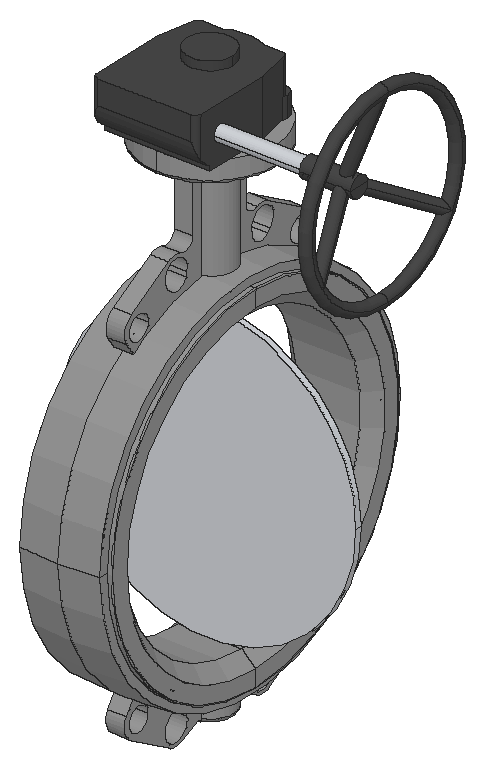
Revit family "Запорно-регулирующая заслонка с ручным редукторным приводом ZF-4219", category Rohrzubehör, Revit 2020
Family settings
  Bemaßung runder Anschluss = Durchmesser verwenden
  Teiletyp = Unterbricht
  Arbeitsebenenbasiert = Nein
  Immer vertikal = Ja
  Beim Laden mit Abzugskörper schneiden = Nein
  Gemeinsam genutzt = Nein
Parameters
  Шпиндель = "Нержавеющая сталь ASTM-A276 / Type 316"  # constant formula
  Фланцевое соединение = "В соответствии с EN1092-2"  # constant formula
  Уплотнение корпуса = "EPDM в соответствии с ISO 1691"  # constant formula
  Среда = "Качество теплоносителя в соответствии с ÖNORM H5195 и/или предписаниями VDI 2035.\r\nРазрешается использование смеси этилен или пропиленгликоля в соотношении 25-50% с водой."
  Область применения = "Применяются в системах тепло- и холодоснабжения."
  Номер заказа [instance] = size_lookup("4219_ZF_G", "Artnr", 1421901, Nennweite)  # 1421969
  Макс. рабочая температура = 110 °C  # constant formula
  Крутящий момент в Нм [instance] = size_lookup("4219_ZF_G", "NM", 350, Nennweite)  # 350
  Корпус = "Чугун GG, GJS-250/JL1040, в соответствии с EN1561"  # constant formula
  Диск = "Нержавеющая сталь 1.4408"  # constant formula
  Вес [instance] = size_lookup("4219_ZF_G", "M", 37.6, Nennweite)  # 37.6
  Vorgabe-Ansicht = 0 mm
  URL = "www.herz-armaturen.at"
  Болты PN16 [instance] = if(Nennweite = 50 mm, "4x M16x100", if(Nennweite = 65 mm, "4x M16x100", if(Nennweite = 80 mm, "8x M16x100", if(Nennweite = 100 mm, "8x M16x110", if(Nennweite = 125 mm, "8x M16x120", if(Nennweite = 150 mm, "8x M20x120", if(Nennweite = 200 mm, "12x M20x130", if(Nennweite = 250 mm, "12x M24x140", "12x M24x160"))))))))  # "12x M24x160"
  Болты PN 6 [instance] = if(Nennweite = 50 mm, "4x M12x100", if(Nennweite = 65 mm, "4x M12x100", if(Nennweite = 80 mm, "4x M16x100", if(Nennweite = 100 mm, "4x M16x100", if(Nennweite = 125 mm, "8x M16x110", if(Nennweite = 150 mm, "8x M16x110", if(Nennweite = 200 mm, "--", if(Nennweite = 250 mm, "12x M16x130", "12xM16x140"))))))))  # "12xM16x140"
  Болты PN10 [instance] = if(Nennweite = 50 mm, "4x M16x100", if(Nennweite = 65 mm, "4x M16x100", if(Nennweite = 80 mm, "4x M16x100", if(Nennweite = 100 mm, "4x M16x110", if(Nennweite = 125 mm, "8x M16x120", if(Nennweite = 150 mm, "8x M20x120", if(Nennweite = 200 mm, "8x M20x130", if(Nennweite = 250 mm, "12x M20x130", "12x M20x150"))))))))  # "12x M20x150"
  SCTWSEQ = "FW;SBT_TYP_FW=\"101\";2"
  SCTWCODE = "04;07;02"  # constant formula
  SCRNSEQ = "ARM;ARM_TYP=\"ALLF\";2"
  SCRNCODE = "05;13;02"  # constant formula
  R_Dichtung = 1.5 mm  # constant formula
  PN16 [instance] = or(Nennweite = 50 mm, Nennweite = 65 mm, Nennweite = 80 mm, Nennweite = 100 mm, Nennweite = 125 mm, Nennweite = 150 mm, Nennweite = 200 mm, Nennweite = 250 mm, Nennweite = 300 mm)  # yes
  PN10 [instance] = or(Nennweite = 50 mm, Nennweite = 65 mm, Nennweite = 80 mm, Nennweite = 100 mm, Nennweite = 125 mm, Nennweite = 150 mm, Nennweite = 200 mm, Nennweite = 250 mm, Nennweite = 300 mm)  # yes
  PN 6 [instance] = or(Nennweite = 50 mm, Nennweite = 65 mm, Nennweite = 80 mm, Nennweite = 100 mm, Nennweite = 125 mm, Nennweite = 150 mm, Nennweite = 250 mm, Nennweite = 300 mm)  # yes
  PN [instance] = 16  # constant formula
  O-Ring = "EPDM в соответствии с ISO 1691"  # constant formula
  Nennweite [instance] = 300 mm
  Мин. рабочая температура = "-20.00 °C при соответствующей водно-гликолевой смеси"  # constant formula
  LO1 [instance] = R05 + 10 mm  # 193 mm
  L16 [instance] = L01 - L13  # 299 mm
  L15 [instance] = L01 + L12  # 328 mm
  L14 [instance] = size_lookup("4219_ZF_G", "L_14", 44.4 mm, Nennweite)  # 89.4 mm
  L13 [instance] = size_lookup("4219_ZF_G", "L_13", 15 mm, Nennweite)  # 9 mm
  L12 [instance] = size_lookup("4219_ZF_G", "L_12", 15 mm, Nennweite)  # 20 mm
  L11 [instance] = size_lookup("4219_ZF_G", "L_11", 15 mm, Nennweite)  # 23 mm
  L10 [instance] = size_lookup("4219_ZF_G", "L_10", 16 mm, Nennweite)  # 16 mm
  L09 [instance] = size_lookup("4219_ZF_G", "L9", 29 mm, Nennweite)  # 61 mm
  L08 [instance] = size_lookup("4219_ZF_G", "L8", 43 mm, Nennweite)  # 78 mm
  L07 [instance] = size_lookup("4219_ZF_G", "L7", 3.5 mm, Nennweite)  # 4.5 mm
  L06 [instance] = size_lookup("4219_ZF_G", "L6", 18 mm, Nennweite)  # 44 mm
  L05 [instance] = size_lookup("4219_ZF_G", "L5", 35 mm, Nennweite)  # 67 mm
  L04 [instance] = size_lookup("4219_ZF_G", "L4", 35 mm, Nennweite)  # 17.5 mm
  L03 [instance] = size_lookup("4219_ZF_G", "L3", 35 mm, Nennweite)  # 207.5 mm
  L02 [instance] = size_lookup("4219_ZF_G", "L2", 35 mm, Nennweite)  # 122 mm
  L01 [instance] = size_lookup("4219_ZF_G", "L1", 35 mm, Nennweite)  # 308 mm
  Hersteller = "HERZ Armaturen Ges.m.b.H."  # constant formula
  H [instance] = size_lookup("4219_ZF_G", "H1", 9 mm, Nennweite)  # 22 mm
  DN300 [instance] = Nennweite = 300 mm  # yes
  DN250 [instance] = Nennweite = 250 mm  # no
  DN200 [instance] = Nennweite = 200 mm  # no
  DN150 [instance] = Nennweite = 150 mm  # no
  DN125 [instance] = Nennweite = 125 mm  # no
  DN100 [instance] = Nennweite = 100 mm  # no
  DN 80 [instance] = Nennweite = 80 mm  # no
  DN 65 [instance] = Nennweite = 65 mm  # no
  DN 50 [instance] = Nennweite = 50 mm  # no
  BD [instance] = size_lookup("4219_ZF_G", "DB", 24 mm, Nennweite)  # 290 mm
  D09 [instance] = size_lookup("4219_ZF_G", "D9", 24 mm, Nennweite)  # 145 mm
  D08 [instance] = size_lookup("4219_ZF_G", "D8", 47 mm, Nennweite)  # 18 mm
  D07 [instance] = size_lookup("4219_ZF_G", "D7", 47 mm, Nennweite)  # 37.5 mm
  D06 [instance] = size_lookup("4219_ZF_G", "D6", 47 mm, Nennweite)  # 65 mm
  R05 [instance] = size_lookup("4219_ZF_G", "D5", 47 mm, Nennweite)  # 183 mm
  D05 [instance] = R05 * 2  # 366 mm
  D04 [instance] = size_lookup("4219_ZF_G", "D4", 41 mm, Nennweite)  # 175 mm
  D03 [instance] = size_lookup("4219_ZF_G", "D3", 35.5 mm, Nennweite)  # 167.5 mm
  R01 [instance] = size_lookup("4219_ZF_G", "D1", 28 mm, Nennweite)  # 154.5 mm
  R02 [instance] = size_lookup("4219_ZF_G", "D2", 30 mm, Nennweite)  # 156.5 mm
Reference planes
  plane 1 "Mitte (Vorne/hinten)": y = 0
  plane 2: z = 0
  plane 3 "Mitte (Links/rechts)": x = 0
Forms (mm)
  Revolve 1, solid, material "Herz-Metall-blau", detail levels fine
    sketch origin (0, 0, 0) x (1, 0, 0) y (0, 1, 0)
      loop
        line (0, 185.241) -> (-39, 183) -> (-39, 175) -> (-30.5, 175) -> (-30.5, 167.5) -> (-32, 167.5)
        arc (-32, 167.5) -> (-33.061, 167.061) -> (-33.5, 166) r 1.5
        line (-33.5, 166) -> (-33.5, 156.824)
        arc (-33.5, 156.824) -> (-33.229, 155.964) -> (-32.513, 155.415) r 1.5
        line (-32.513, 155.415) -> (-29, 154.5) -> (-22, 154.5) -> (-22, 156.5) -> (22, 156.5) -> (22, 154.5) -> (29, 154.5) -> (32.513, 155.415)
        arc (32.513, 155.415) -> (33.229, 155.964) -> (33.5, 156.824) r 1.5
        line (33.5, 156.824) -> (33.5, 166)
        arc (33.5, 166) -> (33.061, 167.061) -> (32, 167.5) r 1.5
        line (32, 167.5) -> (30.5, 167.5) -> (30.5, 175) -> (39, 175) -> (39, 183) -> (0, 185.241)
      axis (39, 0) -> (-39, 0)
    angle from 0 to 360
  Extrusion 2, solid, material "Herz-Metall-blau", visible <- "DN 50", detail levels fine
    sketch origin (0, 0, 0) x (0, 1, 0) y (0, 0, 1)
      loop
        line (20, 54.051) -> (20.008, 111.113) -> (16.897, 110.952)
        arc (16.897, 110.952) -> (15.55, 110.331) -> (15, 108.954) r 2
        line (15, 108.954) -> (15, 44.542)
        arc (15, 44.542) -> (31.465, 34.913) -> (42.748, 19.534) r 47
        arc (42.748, 19.534) -> (42.633, 20.873) -> (43.392, 21.983) r 2
        line (43.392, 21.983) -> (54.714, 30.209)
        arc (54.714, 30.209) -> (56.569, 56.569) -> (30.209, 54.714) r 17.5
        line (30.209, 54.714) -> (27.87, 51.494)
        arc (27.87, 51.494) -> (23.006, 49.914) -> (20, 54.051) r 4.35
      loop
        arc (32.065, 41.998) -> (33.588, 33.588) -> (41.998, 32.065) r 7.5
        line (41.998, 32.065) -> (48.502, 35.17)
        arc (48.502, 35.17) -> (51.265, 51.265) -> (35.17, 48.502) r 10
        line (35.17, 48.502) -> (32.065, 41.998)
      loop
        arc (-20, 54.051) -> (-23.006, 49.914) -> (-27.87, 51.494) r 4.35
        line (-27.87, 51.494) -> (-30.209, 54.714)
        arc (-30.209, 54.714) -> (-56.569, 56.569) -> (-54.714, 30.209) r 17.5
        line (-54.714, 30.209) -> (-43.392, 21.983)
        arc (-43.392, 21.983) -> (-42.633, 20.873) -> (-42.748, 19.534) r 2
        arc (-42.748, 19.534) -> (-31.465, 34.913) -> (-15, 44.542) r 47
        line (-15, 44.542) -> (-15, 108.954)
        arc (-15, 108.954) -> (-15.55, 110.331) -> (-16.897, 110.952) r 2
        line (-16.897, 110.952) -> (-20.008, 111.113) -> (-20, 54.051)
      loop
        line (-32.065, 41.998) -> (-35.17, 48.502)
        arc (-35.17, 48.502) -> (-51.265, 51.265) -> (-48.502, 35.17) r 10
        line (-48.502, 35.17) -> (-41.998, 32.065)
        arc (-41.998, 32.065) -> (-33.588, 33.588) -> (-32.065, 41.998) r 7.5
      loop
        line (32.065, -41.998) -> (35.17, -48.502)
        arc (35.17, -48.502) -> (51.265, -51.265) -> (48.502, -35.17) r 10
        line (48.502, -35.17) -> (41.998, -32.065)
        arc (41.998, -32.065) -> (33.588, -33.588) -> (32.065, -41.998) r 7.5
      loop
        line (54.714, -30.209) -> (43.392, -21.983)
        arc (43.392, -21.983) -> (42.633, -20.873) -> (42.748, -19.534) r 2
        arc (42.748, -19.534) -> (33.234, -33.234) -> (19.534, -42.748) r 47
        arc (19.534, -42.748) -> (20.873, -42.633) -> (21.983, -43.392) r 2
        line (21.983, -43.392) -> (30.209, -54.714)
        arc (30.209, -54.714) -> (56.569, -56.569) -> (54.714, -30.209) r 17.5
      loop
        arc (-32.065, -41.998) -> (-33.588, -33.588) -> (-41.998, -32.065) r 7.5
        line (-41.998, -32.065) -> (-48.502, -35.17)
        arc (-48.502, -35.17) -> (-51.265, -51.265) -> (-35.17, -48.502) r 10
        line (-35.17, -48.502) -> (-32.065, -41.998)
      loop
        arc (-54.714, -30.209) -> (-56.569, -56.569) -> (-30.209, -54.714) r 17.5
        line (-30.209, -54.714) -> (-21.983, -43.392)
        arc (-21.983, -43.392) -> (-20.873, -42.633) -> (-19.534, -42.748) r 2
        arc (-19.534, -42.748) -> (-33.234, -33.234) -> (-42.748, -19.534) r 47
        arc (-42.748, -19.534) -> (-42.633, -20.873) -> (-43.392, -21.983) r 2
        line (-43.392, -21.983) -> (-54.714, -30.209)
    from -4.5 to 4.5
  Extrusion 3, solid, material "Herz-Metall-blau", visible <- "DN 65", detail levels fine
    sketch origin (0, 0, 0) x (0, 1, 0) y (0, 0, 1)
      loop
        arc (51.659, 21.619) -> (51.541, 22.778) -> (52.089, 23.805) r 2
        line (52.089, 23.805) -> (65.407, 37.123)
        arc (65.407, 37.123) -> (65.407, 65.407) -> (37.123, 65.407) r 20
        line (37.123, 65.407) -> (29.414, 57.699)
        arc (29.414, 57.699) -> (27.235, 57.265) -> (26, 59.113) r 2
        line (26, 59.113) -> (26, 136.154) -> (19.897, 135.838)
        arc (19.897, 135.838) -> (18.55, 135.218) -> (18, 133.841) r 2
        line (18, 133.841) -> (18, 53.028)
        arc (18, 53.028) -> (38.206, 40.942) -> (51.659, 21.619) r 56
      loop
        arc (55.637, 42.831) -> (57.983, 57.983) -> (42.831, 55.637) r 9.5
        line (42.831, 55.637) -> (39.647, 48.983)
        arc (39.647, 48.983) -> (41.012, 41.012) -> (48.983, 39.647) r 7
        line (48.983, 39.647) -> (55.637, 42.831)
      loop
        arc (51.659, -21.619) -> (39.598, -39.598) -> (21.619, -51.659) r 56
        arc (21.619, -51.659) -> (22.778, -51.541) -> (23.805, -52.089) r 2
        line (23.805, -52.089) -> (37.123, -65.407)
        arc (37.123, -65.407) -> (65.407, -65.407) -> (65.407, -37.123) r 20
        line (65.407, -37.123) -> (52.089, -23.805)
        arc (52.089, -23.805) -> (51.541, -22.778) -> (51.659, -21.619) r 2
      loop
        line (55.637, -42.831) -> (48.983, -39.647)
        arc (48.983, -39.647) -> (41.012, -41.012) -> (39.647, -48.983) r 7
        line (39.647, -48.983) -> (42.831, -55.637)
        arc (42.831, -55.637) -> (57.983, -57.983) -> (55.637, -42.831) r 9.5
      loop
        arc (-51.659, -21.619) -> (-51.541, -22.778) -> (-52.089, -23.805) r 2
        line (-52.089, -23.805) -> (-65.407, -37.123)
        arc (-65.407, -37.123) -> (-65.407, -65.407) -> (-37.123, -65.407) r 20
        line (-37.123, -65.407) -> (-23.805, -52.089)
        arc (-23.805, -52.089) -> (-22.778, -51.541) -> (-21.619, -51.659) r 2
        arc (-21.619, -51.659) -> (-39.598, -39.598) -> (-51.659, -21.619) r 56
      loop
        arc (-55.637, -42.831) -> (-57.983, -57.983) -> (-42.831, -55.637) r 9.5
        line (-42.831, -55.637) -> (-39.647, -48.983)
        arc (-39.647, -48.983) -> (-41.012, -41.012) -> (-48.983, -39.647) r 7
        line (-48.983, -39.647) -> (-55.637, -42.831)
      loop
        arc (-51.659, 21.619) -> (-38.206, 40.942) -> (-18, 53.028) r 56
        line (-18, 53.028) -> (-18, 133.838)
        arc (-18, 133.838) -> (-18.55, 135.215) -> (-19.897, 135.835) r 2
        line (-19.897, 135.835) -> (-26, 136.151) -> (-26, 59.113)
        arc (-26, 59.113) -> (-27.235, 57.265) -> (-29.414, 57.699) r 2
        line (-29.414, 57.699) -> (-37.123, 65.407)
        arc (-37.123, 65.407) -> (-65.407, 65.407) -> (-65.407, 37.123) r 20
        line (-65.407, 37.123) -> (-52.089, 23.805)
        arc (-52.089, 23.805) -> (-51.541, 22.778) -> (-51.659, 21.619) r 2
      loop
        line (-55.637, 42.831) -> (-48.983, 39.647)
        arc (-48.983, 39.647) -> (-41.012, 41.012) -> (-39.647, 48.983) r 7
        line (-39.647, 48.983) -> (-42.831, 55.637)
        arc (-42.831, 55.637) -> (-57.983, 57.983) -> (-55.637, 42.831) r 9.5
    from -4.5 to 4.5
  Extrusion 4, solid, material "Herz-Metall-blau", visible <- "DN 80", detail levels fine
    sketch origin (0, 0, 0) x (0, 1, 0) y (0, 0, 1)
      loop
        line (26, 143.161) -> (20.397, 142.871)
        arc (20.397, 142.871) -> (19.05, 142.251) -> (18.5, 140.874) r 2
        line (18.5, 140.874) -> (18.5, 62.833)
        arc (18.5, 62.833) -> (41.296, 50.842) -> (57.706, 30.989) r 65.5
        arc (57.706, 30.989) -> (57.482, 32.176) -> (57.983, 33.275) r 2
        line (57.983, 33.275) -> (67.23, 43.52)
        arc (67.23, 43.52) -> (70.328, 54.798) -> (65.407, 65.407) r 17
        line (65.407, 65.407) -> (42.005, 86.53)
        arc (42.005, 86.53) -> (37.832, 89.302) -> (33.031, 90.738) r 17
        arc (33.031, 90.738) -> (27.974, 93.895) -> (26, 99.52) r 9
        line (26, 99.52) -> (26, 143.161)
      loop
        circle (30.615, 73.91) r 9.5
      loop
        circle (53.387, 53.387) r 9.5
      loop
        arc (57.706, -30.989) -> (41.296, -50.842) -> (18.5, -62.833) r 65.5
        line (18.5, -62.833) -> (18.5, -85.837)
        arc (18.5, -85.837) -> (30.113, -90.903) -> (42.005, -86.53) r 17
        line (42.005, -86.53) -> (65.407, -65.407)
        arc (65.407, -65.407) -> (70.328, -54.798) -> (67.23, -43.52) r 17
        line (67.23, -43.52) -> (57.983, -33.275)
        arc (57.983, -33.275) -> (57.482, -32.176) -> (57.706, -30.989) r 2
      loop
        circle (30.615, -73.91) r 9.5
      loop
        circle (53.387, -53.387) r 9.5
      loop
        arc (-57.706, -30.989) -> (-57.482, -32.176) -> (-57.983, -33.275) r 2
        line (-57.983, -33.275) -> (-67.23, -43.52)
        arc (-67.23, -43.52) -> (-70.328, -54.798) -> (-65.407, -65.407) r 17
        line (-65.407, -65.407) -> (-42.005, -86.53)
        arc (-42.005, -86.53) -> (-30.113, -90.903) -> (-18.5, -85.837) r 17
        line (-18.5, -85.837) -> (-18.5, -62.833)
        arc (-18.5, -62.833) -> (-41.296, -50.842) -> (-57.706, -30.989) r 65.5
      loop
        circle (-30.615, -73.91) r 9.5
      loop
        circle (-53.387, -53.387) r 9.5
      loop
        line (-26, 143.179) -> (-26, 99.52)
        arc (-26, 99.52) -> (-27.974, 93.895) -> (-33.031, 90.738) r 9
        arc (-33.031, 90.738) -> (-37.832, 89.302) -> (-42.005, 86.53) r 17
        line (-42.005, 86.53) -> (-65.407, 65.407)
        arc (-65.407, 65.407) -> (-70.328, 54.798) -> (-67.23, 43.52) r 17
        line (-67.23, 43.52) -> (-57.983, 33.275)
        arc (-57.983, 33.275) -> (-57.482, 32.176) -> (-57.706, 30.989) r 2
        arc (-57.706, 30.989) -> (-41.296, 50.842) -> (-18.5, 62.833) r 65.5
        line (-18.5, 62.833) -> (-18.5, 140.891)
        arc (-18.5, 140.891) -> (-19.05, 142.268) -> (-20.397, 142.888) r 2
        line (-20.397, 142.888) -> (-26, 143.179)
      loop
        circle (-30.615, 73.91) r 9.5
      loop
        circle (-53.387, 53.387) r 9.5
    from -4.5 to 4.5
  Extrusion 5, solid, material "Herz-Metall-blau", visible <- "DN100", detail levels fine
    sketch origin (0, 0, 0) x (0, 1, 0) y (0, 0, 1)
      loop
        line (64.131, 38.887) -> (73.681, 49.873)
        arc (73.681, 49.873) -> (77.063, 61.29) -> (72.125, 72.125) r 17
        line (72.125, 72.125) -> (45.809, 95.79)
        arc (45.809, 95.79) -> (41.366, 98.675) -> (36.25, 100.053) r 17
        arc (36.25, 100.053) -> (28.882, 104.596) -> (26, 112.759) r 13
        line (26, 112.759) -> (26, 166.173) -> (20.397, 165.883)
        arc (20.397, 165.883) -> (19.05, 165.263) -> (18.5, 163.886) r 2
        line (18.5, 163.886) -> (18.5, 72.683)
        arc (18.5, 72.683) -> (44.637, 60.27) -> (64.131, 38.887) r 75
      loop
        circle (60.104, 60.104) r 9.5
      loop
        circle (34.442, 83.149) r 9.5
      loop
        arc (64.131, -38.887) -> (44.637, -60.27) -> (18.5, -72.683) r 75
        line (18.5, -72.683) -> (18.5, -95.329)
        arc (18.5, -95.329) -> (21.473, -95.603) -> (24.233, -96.743) r 10
        arc (24.233, -96.743) -> (35.191, -100.133) -> (45.809, -95.79) r 17
        line (45.809, -95.79) -> (72.125, -72.125)
        arc (72.125, -72.125) -> (77.063, -61.29) -> (73.681, -49.873) r 17
        line (73.681, -49.873) -> (64.131, -38.887)
      loop
        circle (60.104, -60.104) r 9.5
      loop
        circle (34.442, -83.149) r 9.5
      loop
        line (-64.131, -38.887) -> (-73.681, -49.873)
        arc (-73.681, -49.873) -> (-77.063, -61.29) -> (-72.125, -72.125) r 17
        line (-72.125, -72.125) -> (-45.809, -95.79)
        arc (-45.809, -95.79) -> (-35.191, -100.133) -> (-24.233, -96.743) r 17
        arc (-24.233, -96.743) -> (-21.473, -95.603) -> (-18.5, -95.329) r 10
        line (-18.5, -95.329) -> (-18.5, -72.683)
        arc (-18.5, -72.683) -> (-44.637, -60.27) -> (-64.131, -38.887) r 75
      loop
        circle (-60.104, -60.104) r 9.5
      loop
        circle (-34.442, -83.149) r 9.5
      loop
        arc (-64.131, 38.887) -> (-44.637, 60.27) -> (-18.5, 72.683) r 75
        line (-18.5, 72.683) -> (-18.5, 163.876)
        arc (-18.5, 163.876) -> (-19.05, 165.253) -> (-20.397, 165.873) r 2
        line (-20.397, 165.873) -> (-26, 166.164) -> (-26, 112.759)
        arc (-26, 112.759) -> (-28.882, 104.596) -> (-36.25, 100.053) r 13
        arc (-36.25, 100.053) -> (-41.366, 98.675) -> (-45.809, 95.79) r 17
        line (-45.809, 95.79) -> (-72.125, 72.125)
        arc (-72.125, 72.125) -> (-77.063, 61.29) -> (-73.681, 49.873) r 17
        line (-73.681, 49.873) -> (-64.131, 38.887)
      loop
        circle (-60.104, 60.104) r 9.5
      loop
        circle (-34.442, 83.149) r 9.5
    from -4.5 to 4.5
  Extrusion 6, solid, material "Herz-Metall-blau", visible <- "DN125", detail levels fine
    sketch origin (0, 0, 0) x (0, 1, 0) y (0, 0, 1)
      loop
        arc (75.229, 48.945) -> (74.917, 50.244) -> (75.492, 51.45) r 2
        line (75.492, 51.45) -> (82.731, 58.69)
        arc (82.731, 58.69) -> (87.711, 70.711) -> (82.731, 82.731) r 17
        line (82.731, 82.731) -> (51.291, 109.875)
        arc (51.291, 109.875) -> (46.108, 112.941) -> (40.182, 114.007) r 17
        line (40.182, 114.007) -> (38, 114.007)
        arc (38, 114.007) -> (29.515, 117.522) -> (26, 126.007) r 12
        line (26, 126.007) -> (26, 185.157) -> (20.397, 184.867)
        arc (20.397, 184.867) -> (19.05, 184.246) -> (18.5, 182.869) r 2
        line (18.5, 182.869) -> (18.5, 87.823)
        arc (18.5, 87.823) -> (50.736, 74.033) -> (75.229, 48.945) r 89.75
      loop
        circle (40.182, 97.007) r 9.5
      loop
        circle (70.711, 70.711) r 9.5
      loop
        arc (75.229, -48.945) -> (50.736, -74.033) -> (18.5, -87.823) r 89.75
        line (18.5, -87.823) -> (18.5, -108.431)
        arc (18.5, -108.431) -> (24.248, -107.655) -> (29.46, -110.2) r 10
        arc (29.46, -110.2) -> (40.434, -114.005) -> (51.291, -109.875) r 17
        line (51.291, -109.875) -> (82.731, -82.731)
        arc (82.731, -82.731) -> (87.711, -70.711) -> (82.731, -58.69) r 17
        line (82.731, -58.69) -> (75.492, -51.45)
        arc (75.492, -51.45) -> (74.917, -50.244) -> (75.229, -48.945) r 2
      loop
        circle (40.182, -97.007) r 9.5
      loop
        circle (70.711, -70.711) r 9.5
      loop
        arc (-75.229, -48.945) -> (-74.917, -50.244) -> (-75.492, -51.45) r 2
        line (-75.492, -51.45) -> (-82.731, -58.69)
        arc (-82.731, -58.69) -> (-87.711, -70.711) -> (-82.731, -82.731) r 17
        line (-82.731, -82.731) -> (-51.291, -109.875)
        arc (-51.291, -109.875) -> (-40.434, -114.005) -> (-29.46, -110.2) r 17
        arc (-29.46, -110.2) -> (-24.248, -107.655) -> (-18.5, -108.431) r 10
        line (-18.5, -108.431) -> (-18.5, -87.823)
        arc (-18.5, -87.823) -> (-50.736, -74.033) -> (-75.229, -48.945) r 89.75
      loop
        circle (-40.182, -97.007) r 9.5
      loop
        circle (-70.711, -70.711) r 9.5
      loop
        arc (-75.229, 48.945) -> (-50.736, 74.033) -> (-18.5, 87.823) r 89.75
        line (-18.5, 87.823) -> (-18.5, 182.852)
        arc (-18.5, 182.852) -> (-19.05, 184.23) -> (-20.397, 184.85) r 2
        line (-20.397, 184.85) -> (-26, 185.14) -> (-26, 126.007)
        arc (-26, 126.007) -> (-29.515, 117.522) -> (-38, 114.007) r 12
        line (-38, 114.007) -> (-40.182, 114.007)
        arc (-40.182, 114.007) -> (-46.108, 112.941) -> (-51.291, 109.875) r 17
        line (-51.291, 109.875) -> (-82.731, 82.731)
        arc (-82.731, 82.731) -> (-87.711, 70.711) -> (-82.731, 58.69) r 17
        line (-82.731, 58.69) -> (-75.492, 51.45)
        arc (-75.492, 51.45) -> (-74.917, 50.244) -> (-75.229, 48.945) r 2
      loop
        circle (-40.182, 97.007) r 9.5
      loop
        circle (-70.711, 70.711) r 9.5
    from -6 to 6
  Extrusion 7, solid, material "Herz-Metall-blau", visible <- "DN150", detail levels fine
    sketch origin (0, 0, 0) x (0, 1, 0) y (0, 0, 1)
      loop
        line (83.495, 59.454) -> (91.57, 67.529)
        arc (91.57, 67.529) -> (96.55, 79.55) -> (91.57, 91.57) r 17
        line (91.57, 91.57) -> (57.511, 123.304)
        arc (57.511, 123.304) -> (45.758, 127.865) -> (34.095, 123.077) r 17
        arc (34.095, 123.077) -> (28.976, 122.416) -> (26, 126.633) r 5
        line (26, 126.633) -> (26, 198.177) -> (20.397, 197.887)
        arc (20.397, 197.887) -> (19.05, 197.267) -> (18.5, 195.889) r 2
        line (18.5, 195.889) -> (18.5, 100.817)
        arc (18.5, 100.817) -> (55.032, 86.474) -> (83.495, 59.454) r 102.5
      loop
        circle (45.922, 110.866) r 11.5
      loop
        circle (79.55, 79.55) r 9.5
      loop
        circle (45.922, -110.866) r 11.5
      loop
        circle (79.55, -79.55) r 9.5
      loop
        line (91.57, -67.529) -> (83.495, -59.454)
        arc (83.495, -59.454) -> (55.032, -86.474) -> (18.5, -100.817) r 102.5
        line (18.5, -100.817) -> (18.5, -123.208)
        arc (18.5, -123.208) -> (19.363, -121.755) -> (21.03, -121.482) r 2
        line (21.03, -121.482) -> (42.642, -127.546)
        arc (42.642, -127.546) -> (50.587, -127.213) -> (57.511, -123.304) r 17
        line (57.511, -123.304) -> (91.57, -91.57)
        arc (91.57, -91.57) -> (96.55, -79.55) -> (91.57, -67.529) r 17
      loop
        arc (-83.495, 59.454) -> (-55.032, 86.474) -> (-18.5, 100.817) r 102.5
        line (-18.5, 100.817) -> (-18.5, 195.875)
        arc (-18.5, 195.875) -> (-19.05, 197.252) -> (-20.397, 197.872) r 2
        line (-20.397, 197.872) -> (-26, 198.163) -> (-26, 126.633)
        arc (-26, 126.633) -> (-28.976, 122.416) -> (-34.095, 123.077) r 5
        arc (-34.095, 123.077) -> (-45.758, 127.865) -> (-57.511, 123.304) r 17
        line (-57.511, 123.304) -> (-91.57, 91.57)
        arc (-91.57, 91.57) -> (-96.55, 79.55) -> (-91.57, 67.529) r 17
        line (-91.57, 67.529) -> (-83.495, 59.454)
      loop
        circle (-45.922, 110.866) r 11.5
      loop
        circle (-79.55, 79.55) r 9.5
      loop
        circle (-45.922, -110.866) r 11.5
      loop
        circle (-79.55, -79.55) r 9.5
      loop
        arc (-91.57, -67.529) -> (-96.55, -79.55) -> (-91.57, -91.57) r 17
        line (-91.57, -91.57) -> (-57.511, -123.304)
        arc (-57.511, -123.304) -> (-50.587, -127.213) -> (-42.642, -127.546) r 17
        line (-42.642, -127.546) -> (-21.03, -121.482)
        arc (-21.03, -121.482) -> (-19.363, -121.755) -> (-18.5, -123.208) r 2
        line (-18.5, -123.208) -> (-18.5, -100.817)
        arc (-18.5, -100.817) -> (-55.032, -86.474) -> (-83.495, -59.454) r 102.5
        line (-83.495, -59.454) -> (-91.57, -67.529)
    from -7 to 7
  Extrusion 8, solid, material "Herz-Metall-blau", visible <- "DN200", detail levels fine
    sketch origin (0, 0, 0) x (0, 1, 0) y (0, 0, 1)
      loop
        arc (42.048, 153.832) -> (26.654, 145.827) -> (35.349, 130.812) r 12
        line (35.349, 130.812) -> (53.31, 124.689)
        arc (53.31, 124.689) -> (67.804, 132.4) -> (61.038, 147.359) r 12
        line (61.038, 147.359) -> (42.048, 153.832)
      loop
        line (28, 226.273) -> (22.065, 226.047)
        arc (22.065, 226.047) -> (20.655, 225.469) -> (20, 224.092) r 2.114
        line (20, 224.092) -> (20, 129.471)
        arc (20, 129.471) -> (49.604, 121.273) -> (76.485, 106.406) r 130.989
        line (76.485, 106.406) -> (76.485, 136.265)
        arc (76.485, 136.265) -> (73.108, 147.391) -> (64.117, 154.764) r 20.019
        line (64.117, 154.764) -> (38.16, 163.592)
        arc (38.16, 163.592) -> (30.802, 169.06) -> (28, 177.79) r 15
        line (28, 177.79) -> (28, 226.273)
      loop
        line (42.048, -153.832) -> (61.038, -147.359)
        arc (61.038, -147.359) -> (67.804, -132.4) -> (53.31, -124.689) r 12
        line (53.31, -124.689) -> (35.349, -130.812)
        arc (35.349, -130.812) -> (26.654, -145.827) -> (42.048, -153.832) r 12
      loop
        arc (76.446, -106.382) -> (49.585, -121.253) -> (20, -129.464) r 131
        line (20, -129.464) -> (20, -141.835)
        arc (20, -141.835) -> (28.361, -158.099) -> (46.453, -160.765) r 20
        line (46.453, -160.765) -> (64.099, -154.75)
        arc (64.099, -154.75) -> (73.075, -147.384) -> (76.446, -136.272) r 20
        line (76.446, -136.272) -> (76.446, -106.382)
      loop
        arc (-42.048, -153.832) -> (-26.654, -145.827) -> (-35.349, -130.812) r 12
        line (-35.349, -130.812) -> (-53.31, -124.689)
        arc (-53.31, -124.689) -> (-67.804, -132.4) -> (-61.038, -147.359) r 12
        line (-61.038, -147.359) -> (-42.048, -153.832)
      loop
        line (-76.446, -106.382) -> (-76.446, -136.272)
        arc (-76.446, -136.272) -> (-73.075, -147.384) -> (-64.099, -154.75) r 20
        line (-64.099, -154.75) -> (-46.453, -160.765)
        arc (-46.453, -160.765) -> (-28.361, -158.099) -> (-20, -141.835) r 20
        line (-20, -141.835) -> (-20, -129.464)
        arc (-20, -129.464) -> (-49.585, -121.253) -> (-76.446, -106.382) r 131
      loop
        line (-42.048, 153.832) -> (-61.038, 147.359)
        arc (-61.038, 147.359) -> (-67.804, 132.4) -> (-53.31, 124.689) r 12
        line (-53.31, 124.689) -> (-35.349, 130.812)
        arc (-35.349, 130.812) -> (-26.654, 145.827) -> (-42.048, 153.832) r 12
      loop
        line (-28, 226.278) -> (-28, 177.79)
        arc (-28, 177.79) -> (-30.802, 169.06) -> (-38.16, 163.592) r 15
        line (-38.16, 163.592) -> (-64.117, 154.764)
        arc (-64.117, 154.764) -> (-73.108, 147.391) -> (-76.485, 136.265) r 20.019
        line (-76.485, 136.265) -> (-76.485, 106.406)
        arc (-76.485, 106.406) -> (-49.604, 121.273) -> (-20, 129.471) r 130.989
        line (-20, 129.471) -> (-20, 224.098)
        arc (-20, 224.098) -> (-20.655, 225.475) -> (-22.065, 226.053) r 2.114
        line (-22.065, 226.053) -> (-28, 226.278)
    from -7 to 7
  Extrusion 9, solid, material "Herz-Metall-blau", visible <- "DN250", detail levels fine
    sketch origin (0, 0, 0) x (0, 1, 0) y (0, 0, 1)
      loop
        arc (-95.9, 125.382) -> (-61.406, 145.382) -> (-23, 156.095) r 157.75
        line (-23, 156.095) -> (-23, 258.814)
        arc (-23, 258.814) -> (-23.588, 260.113) -> (-24.893, 260.69) r 2
        line (-24.893, 260.69) -> (-32, 261.058) -> (-32, 187.712)
        arc (-32, 187.712) -> (-33.507, 185.205) -> (-36.428, 185.359) r 2.84
        arc (-36.428, 185.359) -> (-43.951, 188.152) -> (-51.918, 187.184) r 17
        line (-51.918, 187.184) -> (-97.072, 155.872)
        arc (-97.072, 155.872) -> (-100.207, 149.167) -> (-100.195, 141.765) r 17
        line (-100.195, 141.765) -> (-95.9, 125.382)
      loop
        circle (-83.608, 145.492) r 9.5
      loop
        circle (-45.549, 171.269) r 14
      loop
        arc (96.192, -125.349) -> (61.575, -145.51) -> (23, -156.317) r 157.999
        line (23, -156.317) -> (23, -181.388) -> (27.217, -181.388)
        arc (27.217, -181.388) -> (30.142, -181.826) -> (32.812, -183.1) r 10
        line (32.812, -183.1) -> (36.428, -185.542)
        arc (36.428, -185.542) -> (44.468, -188.388) -> (52.878, -186.972) r 17
        line (52.878, -186.972) -> (97.463, -155.872)
        arc (97.463, -155.872) -> (100.598, -149.167) -> (100.586, -141.765) r 17
        line (100.586, -141.765) -> (96.192, -125.349)
      loop
        circle (84, -145.492) r 9.5
      loop
        circle (45.94, -171.452) r 14
      loop
        line (-96.192, -125.349) -> (-100.586, -141.765)
        arc (-100.586, -141.765) -> (-100.598, -149.167) -> (-97.463, -155.872) r 17
        line (-97.463, -155.872) -> (-52.878, -186.972)
        arc (-52.878, -186.972) -> (-44.468, -188.388) -> (-36.428, -185.542) r 17
        line (-36.428, -185.542) -> (-32.812, -183.1)
        arc (-32.812, -183.1) -> (-30.142, -181.826) -> (-27.217, -181.388) r 10
        line (-27.217, -181.388) -> (-23, -181.388) -> (-23, -156.317)
        arc (-23, -156.317) -> (-61.575, -145.51) -> (-96.192, -125.349) r 157.999
      loop
        circle (-84, -145.492) r 9.5
      loop
        circle (-45.94, -171.452) r 14
      loop
        line (95.9, 125.2) -> (100.195, 141.582)
        arc (100.195, 141.582) -> (100.207, 148.984) -> (97.072, 155.689) r 17
        line (97.072, 155.689) -> (51.919, 187.036)
        arc (51.919, 187.036) -> (43.952, 188.006) -> (36.428, 185.212) r 17
        arc (36.428, 185.212) -> (33.507, 185.058) -> (32, 187.566) r 2.84
        line (32, 187.566) -> (32, 261.045) -> (24.893, 260.677)
        arc (24.893, 260.677) -> (23.588, 260.1) -> (23, 258.801) r 2
        line (23, 258.801) -> (23, 155.948)
        arc (23, 155.948) -> (61.411, 145.223) -> (95.9, 125.2) r 157.605
      loop
        circle (83.608, 145.31) r 9.5
      loop
        circle (45.549, 171.122) r 14
    from -9 to 9
  Extrusion 10, solid, material "Herz-Metall-blau", visible <- "DN300", detail levels fine
    sketch origin (0, 0, 0) x (0, 1, 0) y (0, 0, 1)
      loop
        arc (62.57, 187.834) -> (56.268, 211.23) -> (39.112, 194.12) r 14
        line (39.112, 194.12) -> (40.223, 189.928)
        arc (40.223, 189.928) -> (48.374, 181.769) -> (59.504, 184.767) r 11.5
        line (59.504, 184.767) -> (62.57, 187.834)
      loop
        circle (98.337, 170.892) r 12
      loop
        arc (113.094, 162.454) -> (114.748, 175.326) -> (106.837, 185.615) r 17
        line (106.837, 185.615) -> (61.701, 211.919)
        arc (61.701, 211.919) -> (54.44, 214.463) -> (46.806, 213.516) r 16.852
        arc (46.806, 213.516) -> (36.904, 213.681) -> (32, 222.285) r 10
        line (32, 222.285) -> (32, 286.38) -> (24.895, 286.033)
        arc (24.895, 286.033) -> (23.576, 285.442) -> (23, 284.117) r 2
        line (23, 284.117) -> (23, 181.202)
        arc (23, 181.202) -> (65.613, 170.505) -> (104.437, 149.94) r 182.63
        line (104.437, 149.94) -> (113.094, 162.454)
      loop
        line (62.984, -188.142) -> (59.917, -185.075)
        arc (59.917, -185.075) -> (48.787, -182.077) -> (40.637, -190.235) r 11.5
        line (40.637, -190.235) -> (39.525, -194.427)
        arc (39.525, -194.427) -> (56.681, -211.538) -> (62.984, -188.142) r 14
      loop
        circle (98.75, -171.04) r 12
      loop
        line (113.508, -162.601) -> (104.75, -150.055)
        arc (104.75, -150.055) -> (65.787, -170.766) -> (23, -181.549) r 183
        line (23, -181.549) -> (23, -206.327)
        arc (23, -206.327) -> (24.157, -204.218) -> (26.558, -204.062) r 2.5
        line (26.558, -204.062) -> (45.918, -213.443)
        arc (45.918, -213.443) -> (53.906, -214.994) -> (61.701, -212.654) r 17
        line (61.701, -212.654) -> (107.25, -185.762)
        arc (107.25, -185.762) -> (115.162, -175.474) -> (113.508, -162.601) r 17
      loop
        arc (-62.984, -188.142) -> (-56.681, -211.538) -> (-39.525, -194.427) r 14
        line (-39.525, -194.427) -> (-40.637, -190.235)
        arc (-40.637, -190.235) -> (-48.787, -182.077) -> (-59.917, -185.075) r 11.5
        line (-59.917, -185.075) -> (-62.984, -188.142)
      loop
        circle (-98.75, -171.04) r 12
      loop
        arc (-113.508, -162.601) -> (-115.162, -175.474) -> (-107.25, -185.762) r 17
        line (-107.25, -185.762) -> (-61.701, -212.654)
        arc (-61.701, -212.654) -> (-53.906, -214.994) -> (-45.918, -213.443) r 17
        line (-45.918, -213.443) -> (-26.558, -204.062)
        arc (-26.558, -204.062) -> (-24.157, -204.218) -> (-23, -206.327) r 2.5
        line (-23, -206.327) -> (-23, -181.549)
        arc (-23, -181.549) -> (-65.787, -170.766) -> (-104.75, -150.055) r 183
        line (-104.75, -150.055) -> (-113.508, -162.601)
      loop
        line (-62.574, 188.142) -> (-59.508, 185.075)
        arc (-59.508, 185.075) -> (-48.378, 182.077) -> (-40.227, 190.235) r 11.5
        line (-40.227, 190.235) -> (-39.116, 194.427)
        arc (-39.116, 194.427) -> (-56.272, 211.538) -> (-62.574, 188.142) r 14
      loop
        circle (-98.34, 171.04) r 12
      loop
        line (-113.098, 162.601) -> (-104.44, 150.087)
        arc (-104.44, 150.087) -> (-65.611, 170.637) -> (-23, 181.326) r 182.753
        line (-23, 181.326) -> (-23, 284.115)
        arc (-23, 284.115) -> (-23.577, 285.441) -> (-24.896, 286.032) r 2
        line (-24.896, 286.032) -> (-32, 286.379) -> (-32, 222.593)
        arc (-32, 222.593) -> (-37.217, 213.811) -> (-47.425, 214.193) r 10
        arc (-47.425, 214.193) -> (-54.523, 214.911) -> (-61.291, 212.654) r 17
        line (-61.291, 212.654) -> (-106.84, 185.762)
        arc (-106.84, 185.762) -> (-114.752, 175.474) -> (-113.098, 162.601) r 17
    from -9 to 9
  Revolve 11, solid, material "Herz-Metall-blau"
    sketch origin (0, 0, 0) x (0, 1, 0) y (0, 0, 1)
      loop
        line (0, -183) -> (0, -207.5) -> (20, -207.5)
        arc (20, -207.5) -> (22.121, -206.621) -> (23, -204.5) r 3
        line (23, -204.5) -> (23, -181.549)
        arc (23, -181.549) -> (11.523, -182.637) -> (0, -183) r 183
      axis (0, -181.549) -> (0, -207.5)
    angle from 0 to 360
  Revolve 12, solid, material "Herz-Metall-blau"
    sketch origin (0, 0, 0) x (0, 1, 0) y (0, 0, 1)
      loop
        line (0, 299) -> (0, 183)
        arc (0, 183) -> (11.523, 182.637) -> (23, 181.549) r 183
        line (23, 181.549) -> (23, 284)
        arc (23, 284) -> (23.549, 285.377) -> (24.895, 285.998) r 2
        line (24.895, 285.998) -> (63.105, 288)
        arc (63.105, 288) -> (64.451, 288.621) -> (65, 289.997) r 2
        line (65, 289.997) -> (65, 308) -> (37.5, 308) -> (37.5, 299) -> (0, 299)
      axis (0, 308) -> (0, 181.549)
    angle from 0 to 360
  Revolve 13, solid, material "Gummi"
    sketch origin (0, 0, 0) x (1, 0, 0) y (0, 0, 1)
      loop
        arc (-43.208, 175) -> (-44.263, 174.563) -> (-44.7, 173.508) r 1.492
        line (-44.7, 173.508) -> (-44.7, 156.718) -> (-30.5, 145) -> (30.5, 145) -> (44.7, 157.945) -> (44.7, 174)
        arc (44.7, 174) -> (44.407, 174.707) -> (43.7, 175) r 1
        line (43.7, 175) -> (30.5, 175) -> (30.5, 167.5) -> (32, 167.5)
        arc (32, 167.5) -> (33.061, 167.061) -> (33.5, 166) r 1.5
        line (33.5, 166) -> (33.5, 156.988)
        arc (33.5, 156.988) -> (33.122, 155.993) -> (32.18, 155.499) r 1.5
        line (32.18, 155.499) -> (29, 154.5) -> (20.027, 154.5) -> (20.027, 156.5) -> (-23.973, 156.5) -> (-23.973, 154.5) -> (-29, 154.5) -> (-32.18, 155.499)
        arc (-32.18, 155.499) -> (-33.122, 155.993) -> (-33.5, 156.988) r 1.5
        line (-33.5, 156.988) -> (-33.5, 166)
        arc (-33.5, 166) -> (-33.061, 167.061) -> (-32, 167.5) r 1.5
        line (-32, 167.5) -> (-30.5, 167.5) -> (-30.5, 175) -> (-43.208, 175)
      axis (-44.7, 0) -> (44.7, 0)
    angle from 0 to 360
  Extrusion 14, solid, detail levels fine
    sketch origin (0, 0, 0) x (1, 0, 0) y (0, 0, 1)
      loop
        circle (0, 0) r 145
    from -3 to 3
  Extrusion 15, solid, detail levels fine
    sketch origin (0, 0, 0) x (1, 0, 0) y (0, 1, 0)
      loop
        line (0, 15.556) -> (-15.556, 0) -> (0, -15.556) -> (15.556, 0) -> (0, 15.556)
    from 299 <- "L16" to 328 <- "L15"
Lines and regions (mm)
  model lines, detail levels coarse+medium
    curve 1: line (-39, 183, 0) -> (39, 183, 0)
    curve 2: line (-39, -183, 0) -> (-39, 183, 0)
    curve 3: line (39, -183, 0) -> (-39, -183, 0)
    curve 4: line (39, 183, 0) -> (39, -183, 0)
    curve 5: line (-39, 183, 0) -> (39, -183, 0)
    curve 6: circle (0, 0, 0) r 5 normal (0, 0, 1)
    curve 7: line (-39, 0, 183) -> (39, 0, 183)
    curve 8: line (-39, 0, -183) -> (-39, 0, 183)
    curve 9: line (39, 0, -183) -> (-39, 0, -183)
    curve 10: line (39, 0, 183) -> (39, 0, -183)
    curve 11: line (-39, 0, 183) -> (39, 0, -183)
    curve 12: circle (0, 0, 0) r 7 normal (0, -1, 0)
Dimensions and locks
  "L08": Revolve 1 sketch curve to Revolve 1 sketch curve
  equal spacing: Revolve 1 sketch curve, plane 3 "Mitte (Links/rechts)", Revolve 1 sketch curve  (x4)
  "L07": Revolve 1 sketch curve to Revolve 1 sketch curve  (x2)
  "L06": Revolve 1 sketch curve to Revolve 1 sketch curve
  "L05": Revolve 1 sketch curve to Revolve 1 sketch curve
  "L09": Revolve 1 sketch curve to Revolve 1 sketch curve
  "R05": plane 1 "Mitte (Vorne/hinten)" to Revolve 1 sketch curve  (x2)
  "D04": plane 1 "Mitte (Vorne/hinten)" to Revolve 1 sketch curve  (x2)
  "D03": plane 1 "Mitte (Vorne/hinten)" to Revolve 1 sketch curve  (x2)
  "R01": plane 1 "Mitte (Vorne/hinten)" to Revolve 1 sketch curve  (x2)
  "R02": plane 1 "Mitte (Vorne/hinten)" to Revolve 1 sketch curve
  equal spacing: curve 2, plane 3 "Mitte (Links/rechts)", curve 4
  equal spacing: curve 3, plane 1 "Mitte (Vorne/hinten)", curve 1
  "L08": curve 2 to curve 4
  "D05": curve 3 to curve 1
  equal spacing: curve 10, plane 3 "Mitte (Links/rechts)", curve 8
  equal spacing: curve 7, level, curve 9
  "D05": curve 7 to curve 9
  "L08": curve 8 to curve 10
  "L11": Revolve 11 sketch curve to plane 1 "Mitte (Vorne/hinten)"
  "L03": level to Revolve 11 sketch curve
  "R05": level to Revolve 11 sketch curve
  "R05": Revolve 12 sketch curve to curve 2
  "L11": Revolve 12 sketch curve to plane 1 "Mitte (Vorne/hinten)"
  "L01": Revolve 12 sketch curve to level
  "L12": Revolve 12 sketch curve to Revolve 12 sketch curve
  "L13": Revolve 12 sketch curve to Revolve 12 sketch curve
  "D07": Revolve 12 sketch curve to Revolve 12 sketch curve
  "D06": Revolve 12 sketch curve to Revolve 12 sketch curve
  Extrusion 10 sketch curve to plane 1 "Mitte (Vorne/hinten)" to Extrusion 10 sketch curve = 23 mm, 23 mm
  equal spacing: Extrusion 10 sketch curve, plane 1 "Mitte (Vorne/hinten)", Extrusion 10 sketch curve
  Extrusion 10 sketch curve to Extrusion 10 sketch curve = 64 mm
  Extrusion 9 sketch curve to plane 1 "Mitte (Vorne/hinten)" to Extrusion 9 sketch curve = 23 mm, 23 mm
  Extrusion 9 sketch curve to plane 1 "Mitte (Vorne/hinten)" to Extrusion 9 sketch curve = 32 mm, 32 mm
  Extrusion 8 sketch curve to Extrusion 8 sketch curve = 56 mm
  equal spacing: Extrusion 8 sketch curve, plane 1 "Mitte (Vorne/hinten)", Extrusion 8 sketch curve
  Extrusion 8 sketch curve to plane 1 "Mitte (Vorne/hinten)" to Extrusion 8 sketch curve = 20 mm, 20 mm
  equal spacing: Extrusion 7 sketch curve, plane 1 "Mitte (Vorne/hinten)", Extrusion 7 sketch curve
  Extrusion 7 sketch curve to Extrusion 7 sketch curve = 52 mm
  equal spacing: Extrusion 6 sketch curve, plane 1 "Mitte (Vorne/hinten)", Extrusion 6 sketch curve
  "R02": Revolve 13 sketch curve to curve 3
  "D04": Revolve 13 sketch curve to level  (x2)
  "L14": Revolve 13 sketch curve to Revolve 13 sketch curve
  "D09": Revolve 13 sketch curve to level
  "D03": Revolve 13 sketch curve to level  (x2)
  "R01": Revolve 13 sketch curve to level  (x2)
  "L09": Revolve 13 sketch curve to Revolve 13 sketch curve  (x2)
  "L06": Revolve 13 sketch curve to Revolve 13 sketch curve
  "L05": Revolve 13 sketch curve to Revolve 13 sketch curve
  equal spacing: Revolve 13 sketch curve, plane 3 "Mitte (Links/rechts)", Revolve 13 sketch curve  (x4)
  "L07": Revolve 13 sketch curve to Revolve 13 sketch curve  (x2)
  equal spacing: Extrusion 15 sketch curve, plane 3 "Mitte (Links/rechts)", Extrusion 15 sketch curve  (x2)
  "H": Extrusion 15 sketch curve to Extrusion 15 sketch curve  (x2)
  "L11": nested 1 to plane 3 "Mitte (Links/rechts)"
  "LO1": plane 2 to nested 1
  "R05": radius of Revolve 11 sketch curve
  "R05": radius of Revolve 12 sketch curve
  "R_Dichtung": radius of Revolve 13 sketch curve  (x4)
  "BD": diameter of Extrusion 14 sketch curve
  angle Revolve 1 sketch curve to Revolve 1 sketch curve = 93.2891°  (x2)
  angle Revolve 12 sketch curve to Revolve 12 sketch curve = 93.00°
  angle plane 3 "Mitte (Links/rechts)" to Extrusion 15 sketch curve = 45.00°
  angle Extrusion 15 sketch curve to plane 3 "Mitte (Links/rechts)" = 45.00°
  aligned and locked: level to plane 2
Automatic sketch dimensions
  Extrusion 2 sketch curve to Extrusion 2 sketch curve = 0 mm  (x28)
  Extrusion 2 sketch curve to level = 0 mm
  Extrusion 2 sketch curve to plane 1 "Mitte (Vorne/hinten)" = 0 mm
  plane 1 "Mitte (Vorne/hinten)" to Extrusion 2 sketch curve = 15 mm
  Extrusion 2 sketch curve to Extrusion 2 sketch curve = 1.897 mm  (x2)
  Extrusion 2 sketch curve to Extrusion 2 sketch curve = 0.103 mm  (x2)
  Extrusion 2 sketch curve to Extrusion 2 sketch curve = 5 mm  (x2)
  Extrusion 2 sketch curve to Extrusion 2 sketch curve = 3.111 mm  (x2)
  plane 1 "Mitte (Vorne/hinten)" to Extrusion 2 sketch curve = 20.365 mm
  Extrusion 2 sketch curve to Extrusion 2 sketch curve = 1.618 mm  (x6)
  Extrusion 2 sketch curve to Extrusion 2 sketch curve = 4.35 mm  (x2)
  Extrusion 2 sketch curve to Extrusion 2 sketch curve = 3.519 mm  (x2)
  Extrusion 2 sketch curve to Extrusion 2 sketch curve = 2.34 mm  (x2)
  Extrusion 2 sketch curve to Extrusion 2 sketch curve = 8.226 mm  (x6)
  Extrusion 2 sketch curve to Extrusion 2 sketch curve = 10.081 mm  (x6)
  Extrusion 2 sketch curve to Extrusion 2 sketch curve = 4.195 mm  (x2)
  Extrusion 2 sketch curve to Extrusion 2 sketch curve = 3.105 mm  (x8)
  Extrusion 2 sketch curve to Extrusion 2 sketch curve = 6.826 mm  (x8)
  Extrusion 2 sketch curve to Extrusion 2 sketch curve = 3.107 mm  (x4)
  Extrusion 2 sketch curve to Extrusion 2 sketch curve = 1.394 mm  (x6)
  Extrusion 2 sketch curve to Extrusion 2 sketch curve = 5.303 mm  (x8)
  Extrusion 2 sketch curve to Extrusion 2 sketch curve = 1.176 mm  (x6)
  Extrusion 2 sketch curve to Extrusion 2 sketch curve = 6.505 mm  (x4)
  Extrusion 2 sketch curve to Extrusion 2 sketch curve = 6.212 mm  (x4)
  Extrusion 2 sketch curve to plane 1 "Mitte (Vorne/hinten)" = 15 mm
  Extrusion 2 sketch curve to plane 1 "Mitte (Vorne/hinten)" = 20.365 mm
  Extrusion 2 sketch curve to level = 20.365 mm  (x2)
  level to Extrusion 2 sketch curve = 20.365 mm  (x2)
  Extrusion 2 sketch curve to Extrusion 2 sketch curve = 2.545 mm  (x2)
  Extrusion 2 sketch curve to Extrusion 2 sketch curve = 3.22 mm  (x2)
  Extrusion 2 sketch curve to Extrusion 2 sketch curve = 2.557 mm  (x2)
  Extrusion 2 sketch curve to Extrusion 2 sketch curve = 54.903 mm
  Extrusion 2 sketch curve to Extrusion 2 sketch curve = 0.161 mm  (x2)
  Extrusion 2 sketch curve to Extrusion 2 sketch curve = 0.831 mm  (x2)
  Extrusion 2 sketch curve to Extrusion 2 sketch curve = 1.819 mm  (x2)
  Extrusion 10 sketch curve to Extrusion 10 sketch curve = 0 mm  (x23)
  Extrusion 10 sketch curve to level = 0 mm
  Extrusion 10 sketch curve to plane 1 "Mitte (Vorne/hinten)" = 0 mm
  Extrusion 10 sketch curve to Extrusion 10 sketch curve = 1.896 mm
  Extrusion 10 sketch curve to Extrusion 10 sketch curve = 1.998 mm
  plane 1 "Mitte (Vorne/hinten)" to Extrusion 10 sketch curve = 25.5 mm
  Extrusion 10 sketch curve to Extrusion 10 sketch curve = 1.058 mm  (x2)
  Extrusion 10 sketch curve to Extrusion 10 sketch curve = 16.116 mm
  Extrusion 10 sketch curve to Extrusion 10 sketch curve = 12.968 mm
  Extrusion 10 sketch curve to Extrusion 10 sketch curve = 10 mm  (x2)
  Extrusion 10 sketch curve to Extrusion 10 sketch curve = 6.393 mm  (x2)
  Extrusion 10 sketch curve to Extrusion 10 sketch curve = 12.239 mm  (x4)
  Extrusion 10 sketch curve to Extrusion 10 sketch curve = 1.294 mm  (x4)
  Extrusion 10 sketch curve to Extrusion 10 sketch curve = 8.643 mm
  Extrusion 10 sketch curve to Extrusion 10 sketch curve = 15.783 mm  (x2)
  Extrusion 10 sketch curve to Extrusion 10 sketch curve = 11.22 mm  (x3)
  Extrusion 10 sketch curve to Extrusion 10 sketch curve = 35.766 mm  (x3)
  Extrusion 10 sketch curve to Extrusion 10 sketch curve = 6 mm  (x2)
  Extrusion 10 sketch curve to Extrusion 10 sketch curve = 6.1 mm
  Extrusion 10 sketch curve to Extrusion 10 sketch curve = 8.5 mm  (x4)
  Extrusion 10 sketch curve to Extrusion 10 sketch curve = 8.658 mm
  Extrusion 10 sketch curve to Extrusion 10 sketch curve = 8.758 mm  (x2)
  Extrusion 10 sketch curve to Extrusion 10 sketch curve = 16.525 mm
  level to Extrusion 10 sketch curve = 0.006 mm  (x2)
  plane 1 "Mitte (Vorne/hinten)" to Extrusion 10 sketch curve = 0.16 mm
  Extrusion 10 sketch curve to plane 1 "Mitte (Vorne/hinten)" = 0.161 mm
  Extrusion 10 sketch curve to plane 1 "Mitte (Vorne/hinten)" = 23 mm
  Extrusion 10 sketch curve to Extrusion 10 sketch curve = 1.895 mm
  Extrusion 10 sketch curve to Extrusion 10 sketch curve = 0.103 mm
  Extrusion 10 sketch curve to Extrusion 10 sketch curve = 2.5 mm
  Extrusion 10 sketch curve to Extrusion 10 sketch curve = 14.025 mm
  Extrusion 10 sketch curve to Extrusion 10 sketch curve = 16.112 mm
  Extrusion 10 sketch curve to Extrusion 10 sketch curve = 46.986 mm
  Extrusion 10 sketch curve to Extrusion 10 sketch curve = 6.101 mm
  Extrusion 10 sketch curve to Extrusion 10 sketch curve = 8.657 mm
  Extrusion 10 sketch curve to level = 150.055 mm
  Extrusion 10 sketch curve to Extrusion 10 sketch curve = 31.494 mm
  Extrusion 10 sketch curve to Extrusion 10 sketch curve = 12.546 mm  (x2)
  Extrusion 10 sketch curve to Extrusion 10 sketch curve = 8.439 mm  (x4)
  Extrusion 10 sketch curve to Extrusion 10 sketch curve = 17.102 mm  (x3)
  Extrusion 10 sketch curve to Extrusion 10 sketch curve = 5.043 mm  (x3)
  Extrusion 10 sketch curve to Extrusion 10 sketch curve = 1.242 mm  (x4)
  Extrusion 10 sketch curve to Extrusion 10 sketch curve = 9.634 mm
  Extrusion 10 sketch curve to Extrusion 10 sketch curve = 2.265 mm
  Extrusion 10 sketch curve to Extrusion 10 sketch curve = 11.9 mm
  Extrusion 10 sketch curve to Extrusion 10 sketch curve = 14.639 mm  (x3)
  level to Extrusion 10 sketch curve = 150.087 mm
  Extrusion 10 sketch curve to Extrusion 10 sketch curve = 31.386 mm
  Extrusion 10 sketch curve to Extrusion 10 sketch curve = 12.514 mm  (x2)
  Extrusion 10 sketch curve to Extrusion 10 sketch curve = 11.675 mm
  Extrusion 10 sketch curve to Extrusion 10 sketch curve = 4.83 mm
  Extrusion 10 sketch curve to Extrusion 10 sketch curve = 24.578 mm
  Extrusion 10 sketch curve to Extrusion 10 sketch curve = 9.939 mm
  Extrusion 10 sketch curve to Extrusion 10 sketch curve = 61.442 mm
  Extrusion 10 sketch curve to Extrusion 10 sketch curve = 0.001 mm
  Extrusion 10 sketch curve to Extrusion 10 sketch curve = 0.081 mm  (x2)
  Extrusion 10 sketch curve to Extrusion 10 sketch curve = 0.347 mm  (x2)
  Extrusion 10 sketch curve to Extrusion 10 sketch curve = 1.111 mm  (x4)
  Extrusion 10 sketch curve to Extrusion 10 sketch curve = 0.011 mm  (x4)
  Extrusion 10 sketch curve to Extrusion 10 sketch curve = 3.067 mm  (x3)
  Extrusion 10 sketch curve to Extrusion 10 sketch curve = 0.008 mm  (x8)
  Extrusion 10 sketch curve to Extrusion 10 sketch curve = 4.806 mm
  Extrusion 10 sketch curve to Extrusion 10 sketch curve = 8.153 mm
  Extrusion 10 sketch curve to Extrusion 10 sketch curve = 14.895 mm
  Extrusion 10 sketch curve to Extrusion 10 sketch curve = 3.058 mm
  Extrusion 10 sketch curve to Extrusion 10 sketch curve = 3.075 mm  (x4)
  Extrusion 10 sketch curve to Extrusion 10 sketch curve = 0.003 mm  (x4)
  Extrusion 9 sketch curve to Extrusion 9 sketch curve = 0 mm  (x14)
  Extrusion 9 sketch curve to Extrusion 9 sketch curve = 1.893 mm  (x2)
  Extrusion 9 sketch curve to Extrusion 9 sketch curve = 0.103 mm  (x2)
  plane 1 "Mitte (Vorne/hinten)" to Extrusion 9 sketch curve = 27.217 mm
  Extrusion 9 sketch curve to Extrusion 9 sketch curve = 5.595 mm  (x2)
  Extrusion 9 sketch curve to Extrusion 9 sketch curve = 2.84 mm  (x2)
  Extrusion 9 sketch curve to Extrusion 9 sketch curve = 3.617 mm  (x2)
  Extrusion 9 sketch curve to Extrusion 9 sketch curve = 9.512 mm  (x2)
  Extrusion 9 sketch curve to Extrusion 9 sketch curve = 11.101 mm
  Extrusion 9 sketch curve to Extrusion 9 sketch curve = 6.369 mm
  Extrusion 9 sketch curve to Extrusion 9 sketch curve = 16.45 mm  (x2)
  Extrusion 9 sketch curve to Extrusion 9 sketch curve = 38.06 mm  (x3)
  Extrusion 9 sketch curve to Extrusion 9 sketch curve = 12.192 mm  (x2)
  Extrusion 9 sketch curve to Extrusion 9 sketch curve = 12.292 mm  (x2)
  Extrusion 9 sketch curve to Extrusion 9 sketch curve = 13.463 mm  (x4)
  Extrusion 9 sketch curve to Extrusion 9 sketch curve = 3.123 mm  (x4)
  Extrusion 9 sketch curve to Extrusion 9 sketch curve = 4.217 mm  (x2)
  level to Extrusion 9 sketch curve = 0.007 mm  (x2)
  plane 1 "Mitte (Vorne/hinten)" to Extrusion 9 sketch curve = 0.16 mm
  Extrusion 9 sketch curve to level = 0 mm  (x2)
  plane 1 "Mitte (Vorne/hinten)" to Extrusion 9 sketch curve = 0.008 mm
  Extrusion 9 sketch curve to plane 1 "Mitte (Vorne/hinten)" = 0.008 mm
  Extrusion 9 sketch curve to Extrusion 9 sketch curve = 0.153 mm
  Extrusion 9 sketch curve to plane 1 "Mitte (Vorne/hinten)" = 23 mm
  Extrusion 9 sketch curve to Extrusion 9 sketch curve = 10.709 mm
  Extrusion 9 sketch curve to Extrusion 9 sketch curve = 5.979 mm
  Extrusion 9 sketch curve to Extrusion 9 sketch curve = 37.668 mm
  Extrusion 9 sketch curve to level = 125.349 mm
  Extrusion 9 sketch curve to Extrusion 9 sketch curve = 30.969 mm
  Extrusion 9 sketch curve to Extrusion 9 sketch curve = 16.416 mm  (x2)
  Extrusion 9 sketch curve to Extrusion 9 sketch curve = 3.728 mm  (x4)
  Extrusion 9 sketch curve to Extrusion 9 sketch curve = 15.134 mm  (x2)
  Extrusion 9 sketch curve to Extrusion 9 sketch curve = 9.936 mm  (x2)
  Extrusion 9 sketch curve to Extrusion 9 sketch curve = 1.712 mm  (x2)
  Extrusion 9 sketch curve to Extrusion 9 sketch curve = 2.442 mm  (x2)
  level to Extrusion 9 sketch curve = 125.382 mm
  Extrusion 9 sketch curve to Extrusion 9 sketch curve = 30.895 mm
  Extrusion 9 sketch curve to Extrusion 9 sketch curve = 16.382 mm  (x2)
  Extrusion 9 sketch curve to Extrusion 9 sketch curve = 15.174 mm  (x2)
  Extrusion 9 sketch curve to Extrusion 9 sketch curve = 15.914 mm
  Extrusion 9 sketch curve to Extrusion 9 sketch curve = 15.915 mm
  Extrusion 9 sketch curve to Extrusion 9 sketch curve = 0.529 mm  (x2)
  Extrusion 9 sketch curve to Extrusion 9 sketch curve = 71.114 mm
  Extrusion 9 sketch curve to Extrusion 9 sketch curve = 0.013 mm
  Extrusion 9 sketch curve to Extrusion 9 sketch curve = 0.121 mm  (x2)
  Extrusion 9 sketch curve to Extrusion 9 sketch curve = 0.368 mm  (x2)
  Extrusion 9 sketch curve to Extrusion 9 sketch curve = 0.392 mm  (x2)
  Extrusion 8 sketch curve to Extrusion 8 sketch curve = 0 mm  (x7)
  Extrusion 8 sketch curve to level = 0 mm
  Extrusion 8 sketch curve to plane 1 "Mitte (Vorne/hinten)" = 0 mm
  level to Extrusion 8 sketch curve = 0.005 mm  (x2)
  plane 1 "Mitte (Vorne/hinten)" to Extrusion 8 sketch curve = 0.086 mm
  plane 1 "Mitte (Vorne/hinten)" to Extrusion 8 sketch curve = 20 mm
  Extrusion 8 sketch curve to Extrusion 8 sketch curve = 2.065 mm  (x2)
  Extrusion 8 sketch curve to Extrusion 8 sketch curve = 2.108 mm
  Extrusion 8 sketch curve to Extrusion 8 sketch curve = 5.935 mm
  Extrusion 8 sketch curve to Extrusion 8 sketch curve = 15.349 mm  (x4)
  Extrusion 8 sketch curve to Extrusion 8 sketch curve = 10.16 mm  (x2)
  Extrusion 8 sketch curve to Extrusion 8 sketch curve = 2.826 mm  (x4)
  Extrusion 8 sketch curve to Extrusion 8 sketch curve = 1.824 mm  (x2)
  Extrusion 8 sketch curve to Extrusion 8 sketch curve = 3.887 mm  (x2)
  Extrusion 8 sketch curve to Extrusion 8 sketch curve = 3.872 mm  (x2)
  Extrusion 8 sketch curve to Extrusion 8 sketch curve = 4.84 mm
  Extrusion 8 sketch curve to Extrusion 8 sketch curve = 4.405 mm  (x2)
  Extrusion 8 sketch curve to Extrusion 8 sketch curve = 17.961 mm  (x3)
  Extrusion 8 sketch curve to Extrusion 8 sketch curve = 3.135 mm  (x3)
  Extrusion 8 sketch curve to Extrusion 8 sketch curve = 0.021 mm  (x2)
  Extrusion 8 sketch curve to Extrusion 8 sketch curve = 4.571 mm  (x2)
  Extrusion 8 sketch curve to Extrusion 8 sketch curve = 4.592 mm  (x2)
  Extrusion 8 sketch curve to Extrusion 8 sketch curve = 3.061 mm  (x2)
  Extrusion 8 sketch curve to Extrusion 8 sketch curve = 3.079 mm  (x2)
  Extrusion 8 sketch curve to Extrusion 8 sketch curve = 23.135 mm
  Extrusion 8 sketch curve to Extrusion 8 sketch curve = 15.447 mm  (x2)
  Extrusion 8 sketch curve to plane 1 "Mitte (Vorne/hinten)" = 0.086 mm
  Extrusion 8 sketch curve to plane 1 "Mitte (Vorne/hinten)" = 20 mm
  Extrusion 8 sketch curve to Extrusion 8 sketch curve = 0.043 mm
  Extrusion 8 sketch curve to Extrusion 8 sketch curve = 15 mm
  Extrusion 8 sketch curve to Extrusion 8 sketch curve = 18.27 mm
  Extrusion 8 sketch curve to Extrusion 8 sketch curve = 15.408 mm
  Extrusion 8 sketch curve to level = 106.382 mm
  Extrusion 8 sketch curve to Extrusion 8 sketch curve = 23.083 mm
  Extrusion 8 sketch curve to Extrusion 8 sketch curve = 18.308 mm  (x2)
  Extrusion 8 sketch curve to Extrusion 8 sketch curve = 1.347 mm  (x2)
  Extrusion 8 sketch curve to Extrusion 8 sketch curve = 11.583 mm  (x2)
  Extrusion 8 sketch curve to Extrusion 8 sketch curve = 12.371 mm
  Extrusion 8 sketch curve to Extrusion 8 sketch curve = 11.023 mm
  Extrusion 8 sketch curve to Extrusion 8 sketch curve = 0.639 mm  (x2)
  level to Extrusion 8 sketch curve = 106.406 mm
  Extrusion 8 sketch curve to Extrusion 8 sketch curve = 23.065 mm
  Extrusion 8 sketch curve to Extrusion 8 sketch curve = 18.283 mm
  Extrusion 8 sketch curve to Extrusion 8 sketch curve = 1.34 mm  (x2)
